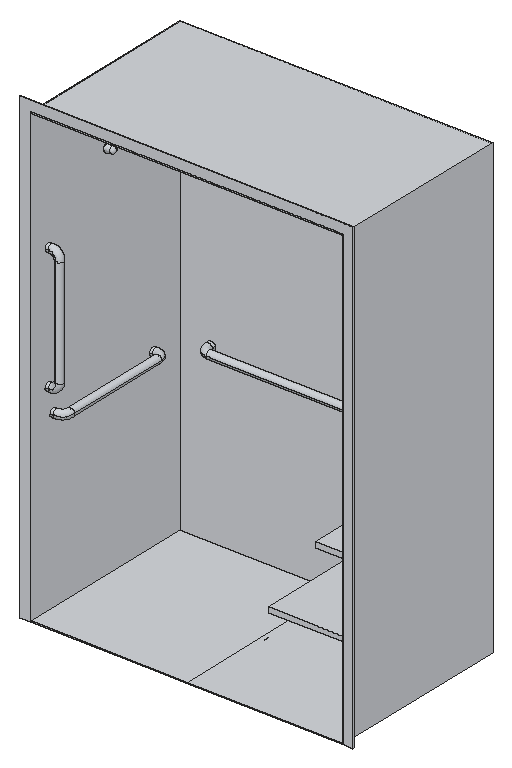
Revit family "Shower_Cabinet-Willoughby-US-3660-HC-B", category Plumbing Fixtures, Revit 2015
Parameters
  URL = "https://www.willoughby-ind.com/wp-content/uploads/2018/01/US-3660-ROLL-IN.pdf"
  Revision = "A"
  Model = "US/KS-3660-HC"
  Manufacturer = "Willoughby Industries"
  Description = "US 36\" X 60\" Handicap Roll-In Cabinet Shower, Back flex head shower"
  Contact Info = "(800) 428-4065"
Reference planes (in)
  plane 1 "Center (Front/Back)": y = 0
  plane 2: z = 0
  plane 3 "Center (Left/Right)": x = 0
Forms (in)
  Extrusion 1, solid
    sketch origin (0, 0, 0) x (1, 0, 0) y (0, 0, 1)
      loop
        line (152.875, 0) -> (213, 0) -> (213, 88) -> (152.875, 88) -> (152.875, 0)
    from 0 to 36
  Extrusion 2, void
    sketch origin (0, 0, 0) x (1, 0, 0) y (0, 0, 1)
      loop
        line (182.9375, 0.12) -> (212.9375, 0.12) -> (212.9375, 87.925) -> (152.9375, 87.925) -> (152.9375, 0.12) -> (182.9375, 0.12)
    from 0.07422 to 37
  Sweep 3, solid
    path origin (-9.0625, -18.07422, 34) x (1, 0, 0) y (0, 1, 0)
      loop
        line (198, 18) -> (198, 17.25)
        arc (198, 17.25) -> (197.56066, 16.18934) -> (196.5, 15.75) r 1.5
        line (196.5, 15.75) -> (169.5, 15.75)
        arc (169.5, 15.75) -> (168.43934, 16.18934) -> (168, 17.25) r 1.5
        line (168, 17.25) -> (168, 18)
    profile origin (188.9375, -0.07422, 34) x (1, 0, 0) y (0, 0, 1)
      loop
        circle (0, 0) r 0.75
  Extrusion 4, solid
    sketch origin (0, -35.92578, 0) x (1, 0, 0) y (0, 0, 1)
      loop
        line (152.875, 0) -> (152.875, 88) -> (213, 88) -> (213, 0) -> (215, 0) -> (215, 90) -> (150.875, 90) -> (150.875, 0) -> (152.875, 0)
    from 0 to 0.07422
  Sweep 5, solid
    path origin (13.68492, 18.61488, 34) x (1, 0, 0) y (0, 1, 0)
      loop
        line (139.25258, -25.4391) -> (140.00258, -25.4391)
        arc (140.00258, -25.4391) -> (141.06324, -25.87844) -> (141.50258, -26.9391) r 1.5
        line (141.50258, -26.9391) -> (141.50258, -47.9391)
        arc (141.50258, -47.9391) -> (141.06324, -48.99976) -> (140.00258, -49.4391) r 1.5
        line (140.00258, -49.4391) -> (139.25258, -49.4391)
    profile origin (152.9375, -6.82422, 34) x (0, 1, 0) y (0, 0, 1)
      loop
        circle (0, 0) r 0.75
  Sweep 6, solid
    path origin (0, 0, 0) x (1, 0, 0) y (0, 0, 1)
      loop
        line (152.9375, 39) -> (153.6875, 39)
        arc (153.6875, 39) -> (154.74816, 39.43934) -> (155.1875, 40.5) r 1.5
        line (155.1875, 40.5) -> (155.1875, 61.5)
        arc (155.1875, 61.5) -> (154.74816, 62.56066) -> (153.6875, 63) r 1.5
        line (153.6875, 63) -> (152.9375, 63)
    profile origin (152.9375, 0, 39) x (0, 0, 1) y (0, -1, 0)
      loop
        circle (0, 32) r 0.75
  Revolve 7, solid
    sketch origin (199.9375, 0, -13.80662) x (0, 1, 0) y (0, 0, 1)
      loop
        line (0.0625, 84.30162) -> (0.0625, 84.86162) -> (-1.10022, 84.86162)
        arc (-1.10022, 84.86162) -> (-1.4962, 84.6976) -> (-1.66022, 84.30162) r 0.56
        line (-1.66022, 84.30162) -> (0.0625, 84.30162)
      axis (0.0625, 84.30162) -> (-1.66022, 84.30162)
    angle from 0 to 360
  Revolve 8, solid
    sketch origin (0, -18, 0) x (1, 0, 0) y (0, 0, 1)
      loop
        line (152.875, 74.125) -> (154.8375, 74.125)
        arc (154.8375, 74.125) -> (154.68119, 74.55158) -> (154.2775, 74.76) r 0.62579
        line (154.2775, 74.76) -> (153.1875, 74.875) -> (152.875, 74.875) -> (152.875, 74.125)
      axis (152.875, 74.125) -> (154.8375, 74.125)
    angle from 0 to 360
  Extrusion 9, solid
    sketch origin (0, 0, 0) x (1, 0, 0) y (0, 1, 0)
      loop
        circle (182.9375, -18.07422) r 1
    from 0 to -5
  Extrusion 10, solid
    sketch origin (0, 0, 0) x (1, 0, 0) y (0, 1, 0)
      loop
        line (212.9375, -35.03711) -> (212.9375, -1.03711) -> (190.9375, -1.03711) -> (190.9375, -15.03711) -> (197.9375, -15.03711) -> (197.9375, -35.03711) -> (212.9375, -35.03711)
    from 17 to 18
Cuts and joins
  Extrusion 2 cuts Extrusion 1
Dimensions and locks (in)
  aligned and locked: level to plane 2
  aligned and locked: cut or joined group of Extrusion 1, Extrusion 2 to Revolve 7 sketch curve
  aligned and locked: Revolve 7 sketch curve to Revolve 7 sketch curve
  aligned and locked: cut or joined group of Extrusion 1, Extrusion 2 to Revolve 8 sketch curve
Connectors (in)
  piping at (152.875, -18, 74.125), diameter 0.375
    settings: on Revolve 8, index 1, connector inside diameter 24", connector length 0' - 0", flow factor 0, pipe flow 0 GPM, pressure drop 0.00 psi, fitting loss kfactor 0, connector angle 0.00°, fixture units 0, engagement length 0' - 0", angle of deflection 0.00°, flow configuration 0, flow direction 0, fitting loss method 0, system type 19, joint type 0, gender type 0, connector reference index -1, connector utility 0, adjustable connector no, is connector primary yes, connector description ""
  piping at (182.9375, -18.07422, -5), diameter 2
    settings: on Extrusion 9, index 2, connector inside diameter 24", connector length 0' - 0", flow factor 0, pipe flow 0 GPM, pressure drop 0.00 psi, fitting loss kfactor 0, connector angle 0.00°, fixture units 0, engagement length 0' - 0", angle of deflection 0.00°, flow configuration 0, flow direction 0, fitting loss method 0, system type 16, joint type 0, gender type 0, connector reference index -1, connector utility 0, adjustable connector no, is connector primary no, connector description ""
